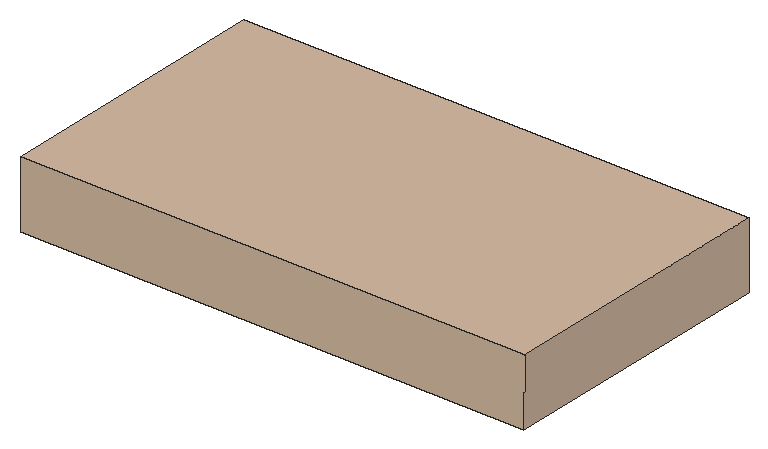
Revit family "Reece_Vanity_Kado_Arc_Basin Shelf", category Casework, Revit 2018
Family settings
  Work Plane-Based = Yes
  Always vertical = Yes
  Cut with Voids When Loaded = Yes
  Shared = Yes
  Room Calculation Point = Yes
Parameters
  URL = "https://www.reece.com.au/product/-2357007"
  Type Comments = "Vanity"
  Reece_Product_Web Page = "https://www.reece.com.au/product/-2357007"
  Reece_Product_Type = "Vanity"  # constant formula
  Reece_Product_Sub Brand = "Arc"  # constant formula
  Reece_Product_Number = "2357007"
  Reece_Product_Mount = "Wall Mounted"
  Reece_Product_Description = "Kado Arc Basin Shelf 900mm x 500mm American Solid Oak"
  Reece_Product_Brand = "Kado"  # constant formula
  Reece_Overall_Width = 900 mm
  Reece_Overall_Height = 120 mm  # constant formula
  Reece_Overall_Depth = 500 mm
  Reece_Material_Secondary = Reece_Metal_Stainless Steel_Polished
  Reece_Material_Main = Reece_Oak_American
  Reece_Height_From_Level [instance] = 600 mm
  Reece_Detail_Shape = ""
  Reece_Detail_Installation = ""
  Reece_Detail_Disclaimer = "THIS FILE IS THE PROPERTY OF THE REECE GROUP. IT MAY NOT BE REPRODUCED, REVERSE-ENGINEERED OR MODIFIED. ANY REPUBLICATION, TRANSMISSION OR DISTRIBUTION FOR THE PURPOSE OF COMMERCIALLY EXPLOITING THE FILES IS PROHIBITED."  # constant formula
  Reece_Detail_Connector = ""
  Reece_Detail_Additional = "Basin Shelf"  # constant formula
  Model = "Arc"
  Manufacturer = "Kado"
  Keynote = "Product #2357007, Reece_Vanity_Kado_Arc_Basin Shelf -  "
  Disclaimer = "THIS FILE IS THE PROPERTY OF THE REECE GROUP. IT MAY NOT BE REPRODUCED, REVERSE-ENGINEERED OR MODIFIED. ANY REPUBLICATION, TRANSMISSION OR DISTRIBUTION FOR THE PURPOSE OF COMMERCIALLY EXPLOITING THE FILES IS PROHIBITED."  # constant formula
  Description = "Kado Arc Basin Shelf 900mm x 500mm American Solid Oak"
  Default Elevation = 0 mm
Types (4, lengths in mm): name | URL | Reece_Product_Web Page | Reece_Product_Number | Reece_Product_Description | Reece_Overall_Width | Keynote | Description
  (no name) | "https://www.reece.com.au/product/-2357007" | "https://www.reece.com.au/product/-2357007" | "2357007" | "Kado Arc Basin Shelf 900mm x 500mm American Solid Oak" | 900 | "Product #2357007, Reece_Vanity_Kado_Arc_Basin Shelf -  " | "Kado Arc Basin Shelf 900mm x 500mm American Solid Oak"
  900 mm_American Solid Oak | "https://www.reece.com.au/product/-2357007" | "https://www.reece.com.au/product/-2357007" | "2357007" | "Kado Arc Basin Shelf 900mm x 500mm American Solid Oak" | 900 | "Product #2357007, Reece_Vanity_Kado_Arc_Basin Shelf - 900 mm_American Solid Oak" | "Kado Arc Basin Shelf 900mm x 500mm American Solid Oak"
  750 mm_American Solid Oak | "https://www.reece.com.au/product/-2351649" | "https://www.reece.com.au/product/-2351649" | "2351649" | "Kado Arc Basin Shelf 750mm x 500mm American Solid Oak" | 750 | "Product #2351649, Reece_Vanity_Kado_Arc_Basin Shelf - 750 mm_American Solid Oak" | "Kado Arc Basin Shelf 750mm x 500mm American Solid Oak"
  1200 mm_American Solid Oak | "https://www.reece.com.au/product/-9509654" | "https://www.reece.com.au/product/-9509654" | "9509654" | "Kado Arc Basin Shelf 1200mm x 500mm American Solid Oak" | 1200 | "Product #9509654, Reece_Vanity_Kado_Arc_Basin Shelf - 1200 mm_American Solid Oak" | "Kado Arc Basin Shelf 1200mm x 500mm American Solid Oak"
Reference planes
  plane 1 "Center (Front/Back)": y = 0
  plane 2 "Bottom Host Plane": z = 0
  plane 3 "Center (Left/Right)": x = 0
  plane 4: x = -450
  plane 5: x = -425
  plane 6: z = 600
  plane 7: z = 695
  plane 8 "Top Host Plane": z = 720
  plane 9 "right": x = 275
  plane 10: y = -500
  plane 11: x = 450
  plane 12: y = -475
  plane 13: x = 425
  plane 14 "left": x = -275
  plane 15: y = -250
Forms (mm)
  Extrusion 1, solid, material "Reece_Oak_American" <- "Reece_Material_Main"
    sketch origin (0, -250, 0) x (1, 0, 0) y (0, 0, 1)
      loop
        line (-450, 720) -> (-450, 695) -> (450, 695) -> (450, 720) -> (-450, 720)
    from -250 to 250
  Extrusion 2, solid, material "Reece_Oak_American" <- "Reece_Material_Main"
    sketch origin (0, -250, 0) x (0, 1, 0) y (0, 0, 1)
      loop
        line (-225, 695) -> (-250, 695) -> (-250, 600) -> (-225, 600) -> (-225, 695)
    from -450 to 450
  Extrusion 3, solid, material "Reece_Oak_American" <- "Reece_Material_Main"
    sketch origin (0, -250, 0) x (1, 0, 0) y (0, 0, 1)
      loop
        line (450, 695) -> (425, 695) -> (425, 600) -> (450, 600) -> (450, 695)
      loop
        line (-425, 695) -> (-450, 695) -> (-450, 600) -> (-425, 600) -> (-425, 695)
    from -250 to 225
Cuts and joins
  joined: Extrusion 1, Extrusion 2, Extrusion 3
Text (mm)
  text "Reece ©" at (2800.469, -1876.63, 3339.713), in view "Reece Preview"
  text "Reece Copyright © 2018, Reece Ltd." at (-568.23, -687.56, 0), in view "Ref. Level"
Dimensions and locks
  plane 4 to plane 5 = 25 mm
  plane 5 to plane 4 = 25 mm  (x2)
  "Reece_Height_From_Level": plane 6 to plane 2 "Bottom Host Plane"
  locked: plane 6 to plane 8 "Top Host Plane" at 120
  locked: plane 6 to plane 7 at 95
  plane 6 to plane 2 "Bottom Host Plane" = 600 mm
  plane 6 to plane 8 "Top Host Plane" = 120 mm
  level to plane 6 to plane 8 "Top Host Plane" = 600 mm, 120 mm
  "Reece_Overall_Width": plane 4 to plane 11
  plane 12 to plane 10 = 25 mm
  plane 13 to plane 11 = 25 mm
  locked: plane 4 to plane 14 "left" at 175
  equal spacing: plane 4, plane 3 "Center (Left/Right)", plane 11
  "Reece_Overall_Depth": plane 10 to plane 1 "Center (Front/Back)"
  equal spacing: plane 10, plane 15, plane 1 "Center (Front/Back)"
  locked: plane 9 "right" to plane 11 at 175
  aligned and locked: nested 1 to plane 14 "left"
  aligned and locked: Extrusion 1 to plane 4
  aligned and locked: Extrusion 1 to plane 11
  aligned and locked: plane 10 to Extrusion 1
  aligned and locked: Extrusion 2 sketch curve to plane 10
  aligned and locked: Extrusion 2 sketch curve to plane 12
  aligned and locked: Extrusion 2 to plane 4
  aligned and locked: Extrusion 2 to plane 11
  aligned and locked: plane 11 to Extrusion 3 sketch curve
  aligned and locked: Extrusion 3 sketch curve to plane 13
  aligned and locked: Extrusion 3 sketch curve to plane 4
  aligned and locked: Extrusion 3 to Extrusion 1
  aligned and locked: Extrusion 3 to plane 12
  aligned and locked: nested 2 to plane 9 "right"
  aligned and locked: nested 2 to cut or joined group of Extrusion 1, Extrusion 2, Extrusion 3
Automatic sketch dimensions
  Extrusion 1 sketch curve to plane 4 = 0 mm
  Extrusion 1 sketch curve to plane 7 = 0 mm
  Extrusion 1 sketch curve to plane 11 = 0 mm
  Extrusion 1 sketch curve to plane 8 "Top Host Plane" = 0 mm
  Extrusion 2 sketch curve to plane 6 = 0 mm
  Extrusion 2 sketch curve to plane 7 = 0 mm
  Extrusion 3 sketch curve to plane 5 = 0 mm
  Extrusion 3 sketch curve to plane 6 = 0 mm  (x2)
  Extrusion 3 sketch curve to plane 7 = 0 mm  (x2)
Nested families
  nested 1: "Reece_Vanity_Kado_Arc_Basin Shelf_Nested" at (-274.994, -249.979, 624.289), Reece_Material_Secondary <- "Reece_Material_Secondary", type "Reece_Vanity_Kado_Arc_Basin Shelf_Nested"
    with Type 5_Benchtop_Width 1800 mm, Type 5_Benchtop_Height 25 mm, Type 5_Benchtop_Depth 500 mm, Reece_Material_Secondary Reece_Metal_Stainless Steel_Polished
  nested 2: "Reece_Vanity_Kado_Arc_Basin Shelf_Nested" at (275.006, -249.979, 624.289), Reece_Material_Secondary <- "Reece_Material_Secondary", type "Reece_Vanity_Kado_Arc_Basin Shelf_Nested"
    with Type 5_Benchtop_Width 1800 mm, Type 5_Benchtop_Height 25 mm, Type 5_Benchtop_Depth 500 mm, Reece_Material_Secondary Reece_Metal_Stainless Steel_Polished
Definition of nested family "Reece_Vanity_Kado_Arc_Basin Shelf_Nested"
  Parameters (values of type "Reece_Vanity_Kado_Arc_Basin Shelf_Nested")
    Type 5_Benchtop_Width [instance] = 1800 mm
    Type 5_Benchtop_Height [instance] = 25 mm
    Type 5_Benchtop_Depth [instance] = 500 mm
    Reece_Product_Web Page = ""
    Reece_Product_Type = ""
    Reece_Product_Sub Brand = ""
    Reece_Product_Number = ""
    Reece_Product_Mount = ""
    Reece_Product_Description = ""
    Reece_Product_Brand = ""
    Reece_Material_Secondary [instance] = none
    Reece_Detail_Shape = ""
    Reece_Detail_Installation = ""
    Reece_Detail_Connector = ""
    Reece_Detail_Additional = ""
    Default Elevation = 0 mm
  Reference planes
    plane 1 "Center (Front/Back)": y = 59.979
    plane 2 "Bottom Host Plane": z = 0
    plane 3 "Center (Left/Right)": x = -0.006
  Forms (mm)
    Extrusion 1, solid, material <- "Reece_Material_Secondary"
      sketch origin (274.994, -0.021, -24.289) x (1, 0, 0) y (0, 1, 0)
        loop
          line (-300, -120) -> (-250, -120) -> (-250, 250) -> (-300, 250) -> (-300, -120)
      from 90 to 95
    Extrusion 2, solid, material <- "Reece_Material_Secondary"
      sketch origin (274.994, -0.021, -24.289) x (1, 0, 0) y (0, 0, 1)
        loop
          line (-350, 95) -> (-350, 40) -> (-278, 40) -> (-273, 40) -> (-200, 40) -> (-200, 95) -> (-250, 95) -> (-250, 90) -> (-273, 90) -> (-278, 90) -> (-300, 90) -> (-300, 95) -> (-350, 95)
      from -250 to -245
    Extrusion 3, solid, material <- "Reece_Material_Secondary"
      sketch origin (274.994, -0.021, -24.289) x (0, 1, 0) y (0, 0, 1)
        loop
          line (245, 40) -> (245, 90) -> (-120, 90) -> (245, 40)
      from -277.5 to -272.5
  Cuts and joins
    joined: Extrusion 1, Extrusion 2, Extrusion 3
  Text (mm)
    text "Reece ©" at (2750.254, -2396.412, 2870.147), in view "Reece Preview"
    text "Reece Copyright © 2018, Reece Ltd." at (76.072, -327.82, 0), in view "Ref. Level"
